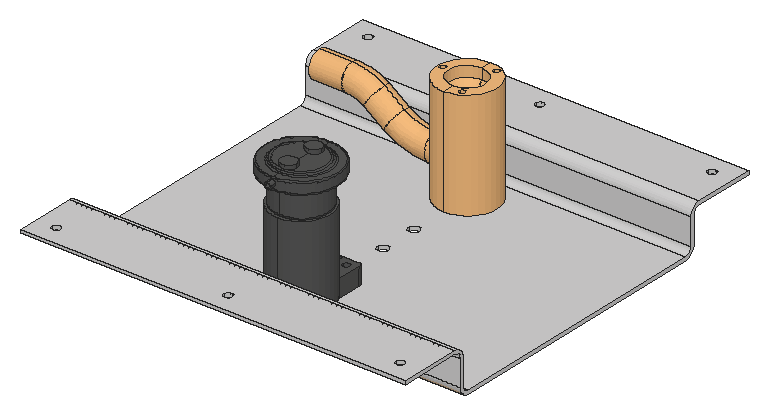
Revit family "Valve-Touchless_Hybrid-KOHLER-Wall_Mount-K-11830", category Plumbing Fixtures, host Face, Revit 2015
Parameters (values of type "NA-Not Applicable")
  Width = 9"  # constant formula
  Waste Water Outlet = "Waste Water Outlet"  # constant formula
  Waste Connection = 1 = 0  # no
  Vent Connection = 1 = 0  # no
  URL = "https://www.us.kohler.com/us/"
  Product Page URL = "http://www.us.kohler.com/us/catalog/productDetails.jsp?productNumber=11830"
  Product Name = "Wall-mount"  # constant formula
  Product Documentation Link = "https://www.us.kohler.com/webassets/kpna/catalog/pdf/en/K-11830_spec.pdf"
  Pressure = 45.00 psi  # constant formula
  Model = "K-11830-NA"  # constant formula
  Material = "Brass construction"  # constant formula
  MasterFormat 2004 = "22.11.00"  # constant formula
  MasterFormat 1995 = "154300"  # constant formula
  Manufacturer Address = "444 Highland Dr, Kohler, WI 53044"  # constant formula
  Manufacturer = "KOHLER Co."  # constant formula
  Length = 3 1/8"  # constant formula
  Hot Water Inlet = "Hot Water Inlet"  # constant formula
  Height = 10"  # constant formula
  HW Connection = 1 = 0  # no
  Flow Rate = 0.5 GPM  # constant formula
  Finish = Kohler-Metal-Brass
  Environmental Product Declaration = ""
  Description = "Touchless round hybrid valve and sensor kit"  # constant formula
  Default Elevation = 36"
  Declare Label = ""
  Date Modified = "01/18/2019"  # constant formula
  Date Created = "01/18/2019"  # constant formula
  Copyright = "Copyright KOHLER Co."  # constant formula
  Contact Us = "https://www.us.kohler.com/us/static/contact.jsp"
  Cold Water Inlet = "Cold Water Inlet"  # constant formula
  CW Connection = 1 = 1  # yes
  Assembly Code = "D2020"
  ADA Compliant = 1 = 1  # yes
Reference planes (in)
  plane 1 "Center (Front/Back)": y = 0
  plane 2: z = 0
  plane 3 "Center (Left/Right)": x = 0
  plane 4: x = 4.5
  plane 5: x = -4.5
  plane 6: y = 5
  plane 7: y = -5
  plane 8: z = 0.38922
  plane 9: z = -2.73578
  plane 10: y = 2.42107
  plane 11: y = -2.42126
Forms (in)
  Extrusion 1, void
    sketch origin (0, 0, 0) x (1, 0, 0) y (0, 1, 0)
      loop
        line (-4.5, 5) -> (-4.5, -5) -> (4.5, -5) -> (4.5, 5) -> (-4.5, 5)
    from -2.73578 to -0.6529
  Extrusion 2, void
    sketch origin (0, 0, 0) x (1, 0, 0) y (0, 1, 0)
      loop
        circle (0, -2.42126) r 0.70789
      loop
        circle (0, 2.42107) r 0.71862
    from -0.6529 to 0.08025
Dimensions and locks (in)
  "Length": plane 8 to plane 9
  "Height": plane 6 to plane 7
  "Width": plane 4 to plane 5
  equal spacing: plane 6, plane 1 "Center (Front/Back)", plane 7
  equal spacing: plane 4, plane 3 "Center (Left/Right)", plane 5
  aligned and locked: plane 2 to host face
  aligned and locked: level to host face
  aligned and locked: Extrusion 1 to plane 9
Automatic sketch dimensions
  host sketch curve to host sketch curve = 96"  (x2)
  Extrusion 1 sketch curve to plane 7 = 0"
  Extrusion 1 sketch curve to plane 6 = 0"
  Extrusion 1 sketch curve to plane 4 = 0"
  Extrusion 1 sketch curve to plane 5 = 0"
  Extrusion 2 sketch curve to plane 3 "Center (Left/Right)" = 0"  (x2)
  plane 11 to Extrusion 2 sketch curve = 0"
  plane 10 to Extrusion 2 sketch curve = 0"
  radius of Extrusion 2 sketch curve = 0.70789"
  radius of Extrusion 2 sketch curve = 0.71862"
Nested families (in)
  nested 1: "K-11830" at (0, 0, -2.73578), type "K-11830"
Connectors (in)
  piping at (-3.44685, 2.42107, -1.08338), diameter 0.375, driven by "Cold Water Inlet", driven by "Flow Rate", driven by "Pressure", driven by "CW Connection"
    settings: on nested 1, index 1, connector inside diameter 24", connector length 0", flow factor 0, pipe flow 0.5 GPM, pressure drop 45.00 psi, fitting loss kfactor 0, connector angle 0.00°, fixture units 0, engagement length 0", angle of deflection 0.00°, flow configuration 1, flow direction 1, fitting loss method 4, system type 20, joint type 0, gender type 0, connector reference index -1, connector utility 1, adjustable connector no, is connector primary yes, connector description "Cold Water Inlet"
Definition of nested family "K-11830"
  Parameters (values of type "K-11830")
    Valve Material = none
  Reference planes (in)
    plane 1 "Center (Front/Back)": y = 0
    plane 2: z = 0
    plane 3 "Center (Left/Right)": x = 0
    plane 4: y = 5
    plane 5: x = 4.5
    plane 6: x = -4.5
    plane 7: y = -5
    plane 8 "A": y = 2.42107
    plane 9: z = 3.125
  Forms (in)
    Revolve 1, solid, detail levels medium+fine
      sketch origin (0, 0, 0) x (0, 1, 0) y (0, 0, 1)
        loop
          line (-2.42126, 3.04933) -> (-2.42126, 0.075) -> (-1.81677, 0.075)
          arc (-1.81677, 0.075) -> (-1.75703, 0.09974) -> (-1.73228, 0.15948) r 0.08448
          line (-1.73228, 0.15948) -> (-1.73228, 2.08287) -> (-1.81552, 2.08287)
          arc (-1.81552, 2.08287) -> (-1.79846, 2.08994) -> (-1.79139, 2.107) r 0.02412
          line (-1.79139, 2.107) -> (-1.79139, 2.71437)
          arc (-1.79139, 2.71437) -> (-1.78513, 2.72951) -> (-1.76999, 2.73577) r 0.0214
          line (-1.76999, 2.73577) -> (-1.58009, 2.73577)
          arc (-1.58009, 2.73577) -> (-1.56591, 2.74165) -> (-1.56004, 2.75583) r 0.02005
          line (-1.56004, 2.75583) -> (-1.56004, 2.97864)
          arc (-1.56004, 2.97864) -> (-1.56616, 2.99343) -> (-1.58095, 2.99955) r 0.02092
          line (-1.58095, 2.99955) -> (-1.7493, 2.99955)
          arc (-1.7493, 2.99955) -> (-1.77082, 3.00286) -> (-1.79034, 3.01249) r 0.07156
          line (-1.79034, 3.01249) -> (-1.82296, 3.03533)
          arc (-1.82296, 3.03533) -> (-1.84408, 3.04575) -> (-1.86735, 3.04933) r 0.07741
          line (-1.86735, 3.04933) -> (-2.42126, 3.04933)
        axis (-2.42126, 3.04933) -> (-2.42126, 0.075)
      angle from 0 to 360
    Revolve 2, solid, material <- "Valve Material", detail levels medium+fine
      sketch origin (0, 0, 0) x (0, 1, 0) y (0, 0, 1)
        loop
          line (1.7321, 2.59469) -> (1.7321, 0.075) -> (2.42107, 0.075) -> (2.42107, 1.85046) -> (2.11921, 1.85046) -> (2.11921, 2.20014) -> (1.99296, 2.35059) -> (1.99296, 2.59469) -> (1.7321, 2.59469)
        axis (2.42107, 2.59469) -> (2.42107, 0.075)
      angle from 0 to 360
    Sweep 3, solid, material <- "Valve Material"
      path origin (0, 0, 0) x (1, 0, 0) y (0, 0, 1)
        loop
          line (-3.44685, 1.6524) -> (-2.68346, 1.6524)
          arc (-2.68346, 1.6524) -> (-2.38275, 1.60612) -> (-2.10988, 1.47155) r 1
          line (-2.10988, 1.47155) -> (-1.63934, 1.14208)
          arc (-1.63934, 1.14208) -> (-1.21735, 0.93398) -> (-0.75232, 0.8624) r 1.54649
          line (-0.75232, 0.8624) -> (-0.19685, 0.8624)
      profile origin (-3.06515, 0, 1.6524) x (0, 0, -1) y (0, -1, 0)
        loop
          circle (0, -2.42107) r 0.31206
    Extrusion 4, solid, detail levels medium+fine
      sketch origin (0, 0, 0) x (0, 1, 0) y (0, 0, 1)
        loop
          arc (3.16723, 0) -> (3.33572, 0.06979) -> (3.40551, 0.23828) r 0.23828
          line (3.40551, 0.23828) -> (3.40551, 0.84375)
          arc (3.40551, 0.84375) -> (3.45128, 0.95424) -> (3.56176, 1) r 0.15625
          line (3.56176, 1) -> (5, 1) -> (5, 1.075) -> (3.56699, 1.075)
          arc (3.56699, 1.075) -> (3.39978, 1.00574) -> (3.33051, 0.83852) r 0.23648
          line (3.33051, 0.83852) -> (3.33051, 0.23125)
          arc (3.33051, 0.23125) -> (3.28475, 0.12076) -> (3.17426, 0.075) r 0.15625
          line (3.17426, 0.075) -> (-3.17306, 0.075)
          arc (-3.17306, 0.075) -> (-3.28439, 0.12112) -> (-3.33051, 0.23246) r 0.15746
          line (-3.33051, 0.23246) -> (-3.33051, 0.83672)
          arc (-3.33051, 0.83672) -> (-3.4003, 1.00521) -> (-3.56879, 1.075) r 0.23828
          line (-3.56879, 1.075) -> (-5, 1.075) -> (-5, 1) -> (-3.56285, 1)
          arc (-3.56285, 1) -> (-3.45159, 0.95392) -> (-3.40551, 0.84266) r 0.15734
          line (-3.40551, 0.84266) -> (-3.40551, 0.23828)
          arc (-3.40551, 0.23828) -> (-3.33572, 0.06979) -> (-3.16723, 0) r 0.23828
          line (-3.16723, 0) -> (3.16723, 0)
      from -4.5 to 4.5
    Extrusion 5, void
      sketch origin (0, 0, 0) x (1, 0, 0) y (0, 1, 0)
        loop
          circle (-4.01621, -4.54758) r 0.09884
        loop
          circle (0, -4.54818) r 0.09843
        loop
          circle (4.01585, -4.54852) r 0.09869
        loop
          circle (-4.01621, 4.54758) r 0.09884
        loop
          circle (0, 4.54818) r 0.09843
        loop
          circle (4.01585, 4.54852) r 0.09869
        loop
          circle (0, 0.87372) r 0.12793
        loop
          circle (0, -0.0311) r 0.12801
      from -0.23187 to 1.41358
    Extrusion 6, solid, detail levels medium+fine
      sketch origin (0, 0, 0.03125) x (1, 0, 0) y (0, 0, 1)
        loop
          circle (0.00032, 2.84587) r 0.074
        loop
          circle (0.00032, 2.84587) r 0.05621
      from 3.12809 to 3.40551
    Extrusion 7, solid, detail levels medium+fine
      sketch origin (0, 0, 0) x (1, 0, 0) y (0, 1, 0)
        loop
          line (-0.51181, -1.37089) -> (-0.51181, -2.00118) -> (0.51181, -2.00118) -> (0.51181, -1.37227)
          arc (0.51181, -1.37227) -> (0.47634, -1.28665) -> (0.39072, -1.25118) r 0.12109
          line (0.39072, -1.25118) -> (-0.3921, -1.25118)
          arc (-0.3921, -1.25118) -> (-0.47675, -1.28624) -> (-0.51181, -1.37089) r 0.11971
        loop
          circle (0.29506, -1.47585) r 0.07976
        loop
          circle (-0.29506, -1.47585) r 0.07976
      from 0 to 0.46476
    Extrusion 8, solid, detail levels medium+fine
      sketch origin (0, 0, 0) x (0, 1, 0) y (0, 0, 1)
        loop
          line (-1.28224, 0.43177) -> (-1.80174, 0.95127) -> (-1.80174, 0.43177) -> (-1.28224, 0.43177)
      from -0.0689 to 0.0689
    Extrusion 9, void
      sketch origin (0, 0, 0) x (1, 0, 0) y (0, 1, 0)
        loop
          circle (0.28718, 1.92353) r 0.06875
        loop
          circle (-0.5736, 2.4214) r 0.06875
        loop
          circle (0.28731, 2.91859) r 0.06875
      from 2.35059 to 2.73639
    Extrusion 10, solid, detail levels medium+fine
      sketch origin (0, 0, 0) x (1, 0, 0) y (0, 1, 0)
        loop
          circle (0, -2.78928) r 0.17969
        loop
          circle (0, -2.05324) r 0.17782
      from 2.73712 to 3.125
    Extrusion 11, solid, detail levels coarse
      sketch origin (0, 0, 0) x (0, 1, 0) y (0, 0, 1)
        loop
          line (-3.56879, 1.075) -> (-5, 1.075) -> (-5, 1) -> (-3.56285, 1)
          arc (-3.56285, 1) -> (-3.45159, 0.95392) -> (-3.40551, 0.84266) r 0.15734
          line (-3.40551, 0.84266) -> (-3.40551, 0.23828)
          arc (-3.40551, 0.23828) -> (-3.33572, 0.06979) -> (-3.16723, 0) r 0.23828
          line (-3.16723, 0) -> (3.16723, 0)
          arc (3.16723, 0) -> (3.33572, 0.06979) -> (3.40551, 0.23828) r 0.23828
          line (3.40551, 0.23828) -> (3.40551, 0.84375)
          arc (3.40551, 0.84375) -> (3.45128, 0.95424) -> (3.56176, 1) r 0.15625
          line (3.56176, 1) -> (5, 1) -> (5, 1.075) -> (3.56699, 1.075)
          arc (3.56699, 1.075) -> (3.39978, 1.00574) -> (3.33051, 0.83852) r 0.23648
          line (3.33051, 0.83852) -> (3.33051, 0.23125)
          arc (3.33051, 0.23125) -> (3.28475, 0.12076) -> (3.17426, 0.075) r 0.15625
          line (3.17426, 0.075) -> (-3.17306, 0.075)
          arc (-3.17306, 0.075) -> (-3.28439, 0.12112) -> (-3.33051, 0.23246) r 0.15746
          line (-3.33051, 0.23246) -> (-3.33051, 0.83672)
          arc (-3.33051, 0.83672) -> (-3.4003, 1.00521) -> (-3.56879, 1.075) r 0.23828
      from -4.5 to 4.5
    Extrusion 12, solid, detail levels coarse
      sketch origin (0, 0, 0) x (1, 0, 0) y (0, 1, 0)
        loop
          circle (0, 2.42107) r 0.68898
      from 0 to 2.59469
    Extrusion 13, solid, detail levels coarse
      sketch origin (0, 0, 0) x (1, 0, 0) y (0, 1, 0)
        loop
          circle (0, -2.42126) r 0.86641
      from 2.73712 to 3.125
    Extrusion 14, solid, detail levels coarse
      sketch origin (0, 0, 0) x (1, 0, 0) y (0, 1, 0)
        loop
          circle (0, -2.42126) r 0.68898
      from 0 to 2.73712
  Cuts and joins
    Extrusion 5 cuts Extrusion 4
    Extrusion 9 cuts Revolve 2
    joined: Revolve 1, Extrusion 6, Extrusion 7, Extrusion 8
  Lines and regions (in)
    Masking region 1
      outline origin (0, 0, 0) x (0, 1, 0) y (0, 0, 1)
        loop
          arc (3.56699, 1.075) -> (3.39978, 1.00574) -> (3.33051, 0.83852) r 0.23648
          line (3.33051, 0.83852) -> (3.33051, 0.23125)
          arc (3.33051, 0.23125) -> (3.28475, 0.12076) -> (3.17426, 0.075) r 0.15625
          line (3.17426, 0.075) -> (3.11005, 0.075) -> (3.11005, 2.59469) -> (1.7321, 2.59469) -> (1.7321, 0.075) -> (-1.25118, 0.075) -> (-1.25118, 0.46476) -> (-1.31523, 0.46476) -> (-1.73228, 0.88181) -> (-1.73228, 2.08287) -> (-1.81552, 2.08287)
          arc (-1.81552, 2.08287) -> (-1.79838, 2.09065) -> (-1.79137, 2.10811) r 0.02526
          line (-1.79137, 2.10811) -> (-1.79137, 2.71139)
          arc (-1.79137, 2.71139) -> (-1.78423, 2.72863) -> (-1.76698, 2.73578) r 0.02439
          line (-1.76698, 2.73578) -> (-1.57969, 2.73578)
          arc (-1.57969, 2.73578) -> (-1.56577, 2.74154) -> (-1.56, 2.75546) r 0.01969
          line (-1.56, 2.75546) -> (-1.56, 2.97792)
          arc (-1.56, 2.97792) -> (-1.56635, 2.99324) -> (-1.58167, 2.99958) r 0.02167
          line (-1.58167, 2.99958) -> (-1.7488, 2.99958)
          arc (-1.7488, 2.99958) -> (-1.77513, 3.00423) -> (-1.79828, 3.0176) r 0.07697
          arc (-1.79828, 3.0176) -> (-1.81587, 3.03074) -> (-1.83483, 3.04179) r 0.19304
          arc (-1.83483, 3.04179) -> (-1.85458, 3.0485) -> (-1.87541, 3.04934) r 0.07296
          line (-1.87541, 3.04934) -> (-1.87541, 3.125) -> (-2.23106, 3.125) -> (-2.23106, 3.04934) -> (-2.6096, 3.04934) -> (-2.6096, 3.125) -> (-2.96711, 3.125) -> (-2.96711, 3.04934)
          arc (-2.96711, 3.04934) -> (-2.98794, 3.0485) -> (-3.00769, 3.04179) r 0.07296
          arc (-3.00769, 3.04179) -> (-3.02665, 3.03074) -> (-3.04424, 3.0176) r 0.19304
          arc (-3.04424, 3.0176) -> (-3.06739, 3.00423) -> (-3.09372, 2.99958) r 0.07697
          line (-3.09372, 2.99958) -> (-3.26085, 2.99958)
          arc (-3.26085, 2.99958) -> (-3.27617, 2.99324) -> (-3.28252, 2.97792) r 0.02167
          line (-3.28252, 2.97792) -> (-3.28252, 2.94543) -> (-3.40551, 2.94543) -> (-3.40551, 2.80312) -> (-3.28252, 2.80312) -> (-3.28252, 2.75546)
          arc (-3.28252, 2.75546) -> (-3.27675, 2.74154) -> (-3.26283, 2.73578) r 0.01969
          line (-3.26283, 2.73578) -> (-3.07554, 2.73578)
          arc (-3.07554, 2.73578) -> (-3.05829, 2.72863) -> (-3.05115, 2.71139) r 0.02439
          line (-3.05115, 2.71139) -> (-3.05115, 2.10811)
          arc (-3.05115, 2.10811) -> (-3.04414, 2.09065) -> (-3.027, 2.08287) r 0.02526
          line (-3.027, 2.08287) -> (-3.11024, 2.08287) -> (-3.11024, 0.15711)
          arc (-3.11024, 0.15711) -> (-3.08619, 0.09905) -> (-3.02813, 0.075) r 0.08211
          line (-3.02813, 0.075) -> (-3.17306, 0.075)
          arc (-3.17306, 0.075) -> (-3.28439, 0.12112) -> (-3.33051, 0.23246) r 0.15746
          line (-3.33051, 0.23246) -> (-3.33051, 0.83672)
          arc (-3.33051, 0.83672) -> (-3.4003, 1.00521) -> (-3.56879, 1.075) r 0.23828
          line (-3.56879, 1.075) -> (-5, 1.075) -> (-5, 1) -> (-3.56285, 1)
          arc (-3.56285, 1) -> (-3.45159, 0.95392) -> (-3.40551, 0.84266) r 0.15734
          line (-3.40551, 0.84266) -> (-3.40551, 0.23828)
          arc (-3.40551, 0.23828) -> (-3.33572, 0.06979) -> (-3.16723, 0) r 0.23828
          line (-3.16723, 0) -> (3.16723, 0)
          arc (3.16723, 0) -> (3.33572, 0.06979) -> (3.40551, 0.23828) r 0.23828
          line (3.40551, 0.23828) -> (3.40551, 0.84375)
          arc (3.40551, 0.84375) -> (3.45128, 0.95424) -> (3.56176, 1) r 0.15625
          line (3.56176, 1) -> (5, 1) -> (5, 1.075) -> (3.56699, 1.075)
    Masking region 2, detail levels medium+fine
      outline origin (0, 0, 0) x (1, 0, 0) y (0, 0, 1)
        loop
          line (-4.5, 1.075) -> (-4.5, 0) -> (4.5, 0) -> (4.5, 1.075) -> (0.68898, 1.075) -> (0.68898, 2.59469) -> (0.62997, 2.59469) -> (0.62997, 2.7157)
          arc (0.62997, 2.7157) -> (0.63585, 2.72991) -> (0.65007, 2.7358) r 0.0201
          line (0.65007, 2.7358) -> (0.84154, 2.7358)
          arc (0.84154, 2.7358) -> (0.85551, 2.74159) -> (0.8613, 2.75556) r 0.01977
          line (0.8613, 2.75556) -> (0.8613, 2.97948)
          arc (0.8613, 2.97948) -> (0.85539, 2.99377) -> (0.84111, 2.99968) r 0.0202
          line (0.84111, 2.99968) -> (0.67562, 2.99968)
          arc (0.67562, 2.99968) -> (0.6393, 3.00727) -> (0.60907, 3.02878) r 0.09067
          arc (0.60907, 3.02878) -> (0.58371, 3.04402) -> (0.5546, 3.04933) r 0.08243
          line (0.5546, 3.04933) -> (0.17969, 3.04933) -> (0.17969, 3.125) -> (-0.17969, 3.125) -> (-0.17969, 3.04933) -> (-0.5546, 3.04933)
          arc (-0.5546, 3.04933) -> (-0.58371, 3.04402) -> (-0.60907, 3.02878) r 0.08243
          arc (-0.60907, 3.02878) -> (-0.6393, 3.00727) -> (-0.67562, 2.99968) r 0.09067
          line (-0.67562, 2.99968) -> (-0.84111, 2.99968)
          arc (-0.84111, 2.99968) -> (-0.85539, 2.99377) -> (-0.8613, 2.97948) r 0.0202
          line (-0.8613, 2.97948) -> (-0.8613, 2.75556)
          arc (-0.8613, 2.75556) -> (-0.85551, 2.74159) -> (-0.84154, 2.7358) r 0.01977
          line (-0.84154, 2.7358) -> (-0.65007, 2.7358)
          arc (-0.65007, 2.7358) -> (-0.63585, 2.72991) -> (-0.62997, 2.7157) r 0.0201
          line (-0.62997, 2.7157) -> (-0.62997, 2.59469) -> (-0.68898, 2.59469) -> (-0.68898, 1.17446)
          arc (-0.68898, 1.17446) -> (-1.21372, 1.27235) -> (-1.66787, 1.55286) r 1.45537
          arc (-1.66787, 1.55286) -> (-2.16187, 1.85798) -> (-2.73266, 1.96446) r 1.58307
          line (-2.73266, 1.96446) -> (-3.44685, 1.96446) -> (-3.44685, 1.34034) -> (-2.74641, 1.34034)
          arc (-2.74641, 1.34034) -> (-2.39489, 1.27146) -> (-2.09538, 1.075) r 0.93134
          line (-2.09538, 1.075) -> (-4.5, 1.075)
    Masking region 3
      outline origin (0, 0, 0) x (1, 0, 0) y (0, 1, 0)
        loop
          circle (0, -2.42126) r 0.86641
        loop
          circle (0, 2.42107) r 0.68898
    symbolic lines, detail levels medium+fine
      curve 1: circle (0, 2.42107, 1.6524) r 0.31206 normal (1, 0, 0)
      curve 2: circle (0, 2.42107, 1.6524) r 0.27127 normal (1, 0, 0)
      curve 3: line (0, 2.73314, 1.6524) -> (0, 2.73314, 0.8624)
      curve 4: line (0, 2.10901, 1.6524) -> (0, 2.10901, 0.8624)
      curve 5: line (0, -1.87541, 3.04934) -> (0, -2.23106, 3.04934)
      curve 6: line (0, -2.6096, 3.04934) -> (0, -2.96711, 3.04934)
      curve 7: line (0, -1.76698, 2.73578) -> (0, -3.07554, 2.73578)
      curve 8: line (0, -1.81552, 2.08287) -> (0, -3.027, 2.08287)
      curve 9: line (0, -3.28252, 2.94543) -> (0, -3.28252, 2.80312)
      curve 10: line (0, -3.02813, 0.075) -> (0, -1.25118, 0.075)
      curve 11: line (0, 3.11005, 0.075) -> (0, 1.7321, 0.075)
      curve 12: line (0, -1.73228, 0.88181) -> (0, -1.73228, 0.46476)
      curve 13: line (0, -1.31523, 0.46476) -> (0, -1.96002, 0.46476)
      curve 14: line (0, -1.96002, 0.46476) -> (0, -1.96002, 0.15719)
      curve 15: arc (0, -1.96002, 0.15719) -> (0, -1.97549, 0.10734) -> (0, -2.01647, 0.075) r 0.08807
      curve 16: line (0, -1.7488, 2.99958) -> (0, -3.09372, 2.99958)
      curve 17: line (-2.09538, 0, 1.075) -> (0.68898, 0, 1.075)
      curve 18: line (-4.5, 0, 1) -> (4.5, 0, 1)
      curve 19: line (-0.62997, 0, 2.59469) -> (0.62997, 0, 2.59469)
      curve 20: line (-0.17969, 0, 3.04933) -> (0.17969, 0, 3.04933)
      curve 21: line (-0.67562, 0, 2.99968) -> (0.67562, 0, 2.99968)
      curve 22: line (-0.65007, 0, 2.7358) -> (0.65007, 0, 2.7358)
      curve 23: line (-0.68898, 0, 1.17446) -> (-0.68898, 0, 1.075)
      curve 31: circle (0, -2.42126, 0) r 0.71305 normal (0, 0, 1)
      curve 32: circle (0, -2.42126, 0) r 0.62214 normal (0, 0, 1)
      curve 33: circle (0, -2.05324, 0) r 0.17782 normal (0, 0, 1)
      curve 34: circle (0, -2.78928, 0) r 0.17969 normal (0, 0, 1)
      curve 35: circle (0, 2.42107, 0) r 0.42811 normal (0, 0, 1)
      curve 36: circle (0, 2.42107, 0) r 0.30187 normal (0, 0, 1)
      curve 37: circle (0.28731, 2.91859, 0) r 0.06875 normal (0, 0, 1)
      curve 38: circle (0.28718, 1.92353, 0) r 0.06875 normal (0, 0, 1)
      curve 39: circle (-0.5736, 2.4214, 0) r 0.06875 normal (0, 0, 1)
    symbolic lines, detail levels coarse
      curve 24: line (0.83524, 0, 0.85106) -> (0.83524, 0, 1.62097)
      curve 25: line (0.83524, 0, 1.62097) -> (-0.83524, 0, 0.85106)
      curve 26: line (-0.83524, 0, 1.62097) -> (0.83524, 0, 0.85106)
      curve 27: line (0, 0, 1.23601) -> (0, 0, 0.46887)
      curve 28: line (0.55856, 0, 0.46887) -> (-0.62997, 0, 0.46887)
      curve 29: arc (0.55856, 0, 0.46887) -> (-0.0357, 0, -0.00104) -> (-0.62997, 0, 0.46887) r 0.61072
      curve 30: line (-0.83524, 0, 0.85106) -> (-0.83524, 0, 1.62097)
  Dimensions and locks (in)
    plane 1 "Center (Front/Back)" to plane 4 = 5"
    plane 3 "Center (Left/Right)" to plane 5 = 4 1/2"
    equal spacing: plane 4, plane 1 "Center (Front/Back)", plane 7
    equal spacing: plane 6, plane 3 "Center (Left/Right)", plane 5
    plane 9 to plane 2 = 3 1/8"
    aligned and locked: plane 2 to level
  Automatic sketch dimensions
    curve 31 to curve 32 = 0"  (x2)
    curve 35 to curve 36 = 0"  (x2)
    curve 32 to plane 3 "Center (Left/Right)" = 0"
    curve 33 to plane 3 "Center (Left/Right)" = 0"
    curve 34 to plane 3 "Center (Left/Right)" = 0"
    curve 35 to plane 3 "Center (Left/Right)" = 0"
    curve 36 to plane 8 "A" = 0"
    plane 8 "A" to curve 39 = 0.00032"
    curve 39 to plane 3 "Center (Left/Right)" = 0.5736"
    plane 3 "Center (Left/Right)" to curve 38 = 0.28718"
    plane 3 "Center (Left/Right)" to curve 37 = 0.28731"
    curve 38 to plane 8 "A" = 0.49755"
    plane 1 "Center (Front/Back)" to curve 33 = 2.05324"
    curve 31 to curve 33 = 0.36802"
    curve 34 to curve 31 = 0.36802"
    plane 8 "A" to curve 37 = 0.49752"
    curve 1 to curve 2 = 0"  (x2)
    curve 2 to plane 8 "A" = 0"
    level to curve 14 = 0.15719"
    plane 1 "Center (Front/Back)" to curve 14 = 1.96002"
    curve 15 to curve 14 = 0.08807"
    curve 14 to curve 14 = 0.30757"
    curve 2 to plane 9 = 1.4726"
    curve 4 to plane 8 "A" = 0.31206"
    level to curve 11 = 0.075"
    curve 11 to plane 8 "A" = 0.68898"
    level to curve 10 = 0.075"
    curve 15 to curve 10 = 0.70884"
    curve 13 to curve 10 = 0.06405"
    curve 13 to curve 12 = 0.22774"
    curve 16 to plane 9 = 0.12542"
    plane 1 "Center (Front/Back)" to curve 16 = 1.7488"
    curve 7 to curve 16 = 0.01819"
    curve 8 to curve 7 = 0.04853"
    curve 5 to curve 16 = 0.12662"
    curve 5 to plane 9 = 0.07566"
    curve 5 to curve 5 = 0.35565"
    curve 6 to plane 9 = 0.07566"
    curve 6 to curve 5 = 0.37854"
    curve 6 to curve 6 = 0.35751"
    curve 8 to curve 6 = 0.0599"
    curve 10 to curve 15 = 0.98004"
    curve 7 to curve 6 = 0.10843"
    curve 16 to curve 6 = 0.12662"
    curve 9 to curve 7 = 0.20698"
    plane 8 "A" to curve 11 = 0.68898"
    curve 3 to curve 1 = 0.79"
    curve 4 to curve 3 = 0"
    curve 12 to curve 12 = 0.41705"
    curve 1 to curve 3 = 0"
    curve 4 to curve 1 = 0"
    curve 8 to curve 16 = 0.91671"
    curve 7 to curve 16 = 0.26381"
    curve 7 to curve 9 = 0.06734"
    curve 9 to curve 9 = 0.14231"
    plane 6 to curve 18 = 0"
    curve 27 to plane 3 "Center (Left/Right)" = 0"
    curve 18 to plane 5 = 0"
    curve 30 to plane 3 "Center (Left/Right)" = 0.83524"
    curve 25 to curve 28 = 0.20527"
    curve 29 to plane 3 "Center (Left/Right)" = 0.0357"
    plane 3 "Center (Left/Right)" to curve 25 = 0.83524"
    level to curve 28 = 0.46887"
    curve 27 to curve 29 = 0.1408"
    curve 29 to curve 24 = 0.38218"
    curve 28 to curve 30 = 0.38218"
    curve 25 to curve 26 = 0.76992"
    curve 24 to curve 25 = 0.76992"
    curve 17 to curve 25 = 1.26014"
    curve 25 to curve 23 = 0.14626"
    curve 21 to plane 9 = 0.12532"
    curve 21 to plane 3 "Center (Left/Right)" = 0.67562"
    curve 21 to curve 22 = 0.02555"
    curve 22 to curve 19 = 0.0201"
    curve 20 to plane 9 = 0.07567"
    curve 20 to plane 3 "Center (Left/Right)" = 23/128"
    plane 3 "Center (Left/Right)" to curve 20 = 23/128"
    plane 3 "Center (Left/Right)" to curve 19 = 0.62997"
    curve 19 to curve 22 = 0.0201"
    curve 22 to curve 21 = 0.02555"
    curve 17 to curve 24 = 0.14626"
    level to curve 18 = 1"
    curve 24 to curve 17 = 0.22394"
    curve 23 to curve 23 = 0.09946"
    curve 19 to curve 21 = 0.405"
    curve 19 to curve 22 = 0.14111"
    Revolve 1 sketch curve to plane 9 = 0.07567"
    plane 1 "Center (Front/Back)" to Revolve 1 sketch curve = 2.42126"
    Revolve 1 sketch curve to plane 9 = 0.15308"
    Revolve 1 sketch curve to Revolve 1 sketch curve = 0.55391"
    Revolve 1 sketch curve to plane 9 = 0.08967"
    level to Revolve 1 sketch curve = 0.075"
    Revolve 1 sketch curve to Revolve 1 sketch curve = 0.60449"
    Revolve 1 sketch curve to Revolve 1 sketch curve = 0.05184"
    Revolve 1 sketch curve to Revolve 1 sketch curve = 0.02412"  (x2)
    Revolve 1 sketch curve to plane 9 = 0.11251"
    Revolve 1 sketch curve to Revolve 1 sketch curve = 0.03261"
    Revolve 1 sketch curve to Revolve 1 sketch curve = 0.0214"
    Revolve 1 sketch curve to Revolve 1 sketch curve = 0.04105"
    Revolve 1 sketch curve to Revolve 1 sketch curve = 0.08448"
    Revolve 1 sketch curve to Revolve 1 sketch curve = 0.16834"
    Revolve 1 sketch curve to Revolve 1 sketch curve = 0.1899"
    Revolve 1 sketch curve to Revolve 1 sketch curve = 0.02092"
    Revolve 1 sketch curve to Revolve 1 sketch curve = 0.88905"
    Revolve 1 sketch curve to Revolve 1 sketch curve = 0.25755"
    Revolve 1 sketch curve to Revolve 1 sketch curve = 0.03386"
    Revolve 1 sketch curve to Revolve 1 sketch curve = 0"  (x2)
    Revolve 1 sketch curve to Revolve 1 sketch curve = 0.37759"
    Revolve 1 sketch curve to Revolve 1 sketch curve = 0.04978"
    Revolve 2 sketch curve to plane 8 "A" = 0"  (x2)
    Revolve 2 sketch curve to plane 8 "A" = 0.30187"
    Revolve 2 sketch curve to Revolve 2 sketch curve = 0.12624"
    level to Revolve 2 sketch curve = 0.075"
    Revolve 2 sketch curve to plane 8 "A" = 0.68898"
    Revolve 2 sketch curve to plane 9 = 1.27454"
    Revolve 2 sketch curve to Revolve 2 sketch curve = 0.34968"
    Revolve 2 sketch curve to Revolve 2 sketch curve = 0.15045"
    Revolve 2 sketch curve to Revolve 2 sketch curve = 0.24409"
    Revolve 2 sketch curve to Revolve 2 sketch curve = 0.24423"
    Revolve 2 sketch curve to Revolve 2 sketch curve = 0"
    Sweep 3 sketch curve to plane 6 = 1.81654"
    Sweep 3 sketch curve to Sweep 3 sketch curve = 0.57358"
    Sweep 3 sketch curve to Sweep 3 sketch curve = 0.47054"
    Sweep 3 sketch curve to plane 3 "Center (Left/Right)" = 0.75232"
    level to Sweep 3 sketch curve = 0.6524"
    level to Sweep 3 sketch curve = 0.8624"
    Sweep 3 sketch curve to Sweep 3 sketch curve = 0.27968"
    Sweep 3 sketch curve to Sweep 3 sketch curve = 0.32947"
    Sweep 3 sketch curve to Sweep 3 sketch curve = 0.76339"
    Sweep 3 sketch curve to plane 3 "Center (Left/Right)" = 0.19685"
    Sweep 3 sketch curve to profile plane = 0"
    Sweep 3 sketch curve to plane 1 "Center (Front/Back)" = 2.42107"
    Extrusion 4 sketch curve to plane 7 = 0"
    Extrusion 4 sketch curve to level = 0"
    Extrusion 4 sketch curve to plane 4 = 0"
    Extrusion 4 sketch curve to Extrusion 4 sketch curve = 1.43121"
    Extrusion 4 sketch curve to Extrusion 4 sketch curve = 0.00595"  (x2)
    Extrusion 4 sketch curve to Extrusion 4 sketch curve = 0.15734"
    Extrusion 4 sketch curve to Extrusion 4 sketch curve = 0.075"  (x2)
    Extrusion 4 sketch curve to Extrusion 4 sketch curve = 0.15746"
    Extrusion 4 sketch curve to Extrusion 4 sketch curve = 0.00583"
    level to Extrusion 4 sketch curve = 61/256"
    plane 8 "A" to Extrusion 4 sketch curve = 0.74616"
    Extrusion 4 sketch curve to Extrusion 4 sketch curve = 0.00703"
    Extrusion 4 sketch curve to Extrusion 4 sketch curve = 5/32"
    Extrusion 4 sketch curve to Extrusion 4 sketch curve = 0.00523"  (x2)
    level to Extrusion 4 sketch curve = 0.075"
    Extrusion 4 sketch curve to Extrusion 4 sketch curve = 0.59844"
    Extrusion 4 sketch curve to Extrusion 4 sketch curve = 0.60024"
    Extrusion 5 sketch curve to plane 3 "Center (Left/Right)" = 0"  (x4)
    Extrusion 5 sketch curve to plane 6 = 0.48379"  (x2)
    Extrusion 5 sketch curve to plane 5 = 0.48415"  (x2)
    Extrusion 5 sketch curve to plane 7 = 0.45148"
    Extrusion 5 sketch curve to plane 7 = 0.45182"
    Extrusion 5 sketch curve to plane 7 = 0.45242"
    plane 1 "Center (Front/Back)" to Extrusion 5 sketch curve = 0.0311"
    Extrusion 5 sketch curve to plane 1 "Center (Front/Back)" = 0.87372"
    Extrusion 5 sketch curve to plane 4 = 0.45242"
    Extrusion 5 sketch curve to plane 4 = 0.45182"
    Extrusion 5 sketch curve to plane 4 = 0.45148"
    Extrusion 6 sketch curve to Extrusion 6 sketch curve = 0"  (x2)
    plane 3 "Center (Left/Right)" to Extrusion 6 sketch curve = 0.00032"
    Extrusion 6 sketch curve to plane 9 = 0.24788"
    Extrusion 7 sketch curve to plane 3 "Center (Left/Right)" = 0.51181"
    Extrusion 7 sketch curve to Extrusion 7 sketch curve = 0.11971"
    Extrusion 7 sketch curve to Extrusion 7 sketch curve = 0.09704"
    plane 3 "Center (Left/Right)" to Extrusion 7 sketch curve = 0.29506"
    Extrusion 7 sketch curve to Extrusion 7 sketch curve = 0.09566"
    plane 3 "Center (Left/Right)" to Extrusion 7 sketch curve = 0.51181"
    plane 1 "Center (Front/Back)" to Extrusion 7 sketch curve = 2.00118"
    Extrusion 7 sketch curve to Extrusion 7 sketch curve = 0.52533"  (x2)
    Extrusion 7 sketch curve to Extrusion 7 sketch curve = 0.10358"
    plane 1 "Center (Front/Back)" to Extrusion 8 sketch curve = 1.80174"
    Extrusion 8 sketch curve to Extrusion 8 sketch curve = 0.5195"  (x2)
    level to Extrusion 8 sketch curve = 0.43177"
    plane 8 "A" to Extrusion 9 sketch curve = 0.00032"
    Extrusion 9 sketch curve to plane 3 "Center (Left/Right)" = 0.5736"
    plane 3 "Center (Left/Right)" to Extrusion 9 sketch curve = 0.28718"
    plane 3 "Center (Left/Right)" to Extrusion 9 sketch curve = 0.28731"
    Extrusion 9 sketch curve to plane 8 "A" = 0.49755"
    plane 8 "A" to Extrusion 9 sketch curve = 0.49752"
    Extrusion 10 sketch curve to plane 3 "Center (Left/Right)" = 0"  (x2)
    Extrusion 10 sketch curve to plane 7 = 2.21072"
    Extrusion 10 sketch curve to Extrusion 10 sketch curve = 0.73605"
    Masking region 1 sketch curve to plane 7 = 0"
    Masking region 1 sketch curve to level = 0"
    Masking region 1 sketch curve to plane 9 = 0"  (x2)
    Masking region 1 sketch curve to plane 4 = 0"
    Masking region 1 sketch curve to plane 7 = 1.43121"
    Masking region 1 sketch curve to Masking region 1 sketch curve = 0.00595"  (x2)
    Masking region 1 sketch curve to plane 9 = 0.17957"
    Masking region 1 sketch curve to plane 7 = 1.59449"
    level to Masking region 1 sketch curve = 61/256"
    Masking region 1 sketch curve to Masking region 1 sketch curve = 0.16328"
    Masking region 1 sketch curve to Masking region 1 sketch curve = 0.075"  (x2)
    Masking region 1 sketch curve to Masking region 1 sketch curve = 0.12299"  (x2)
    Masking region 1 sketch curve to Masking region 1 sketch curve = 0.01969"
    Masking region 1 sketch curve to Masking region 1 sketch curve = 0.02167"  (x2)
    Masking region 1 sketch curve to Masking region 1 sketch curve = 0.00583"
    Masking region 1 sketch curve to Masking region 1 sketch curve = 0.1526"
    Masking region 1 sketch curve to plane 9 = 0.04845"  (x2)
    Masking region 1 sketch curve to Masking region 1 sketch curve = 0.16713"  (x2)
    Masking region 1 sketch curve to Masking region 1 sketch curve = 0.1873"  (x2)
    Masking region 1 sketch curve to Masking region 1 sketch curve = 0.02439"  (x2)
    Masking region 1 sketch curve to Masking region 1 sketch curve = 0.08211"  (x2)
    Masking region 1 sketch curve to Masking region 1 sketch curve = 0.02414"
    Masking region 1 sketch curve to Masking region 1 sketch curve = 0.02526"
    Masking region 1 sketch curve to Masking region 1 sketch curve = 0.11913"  (x2)
    Masking region 1 sketch curve to Masking region 1 sketch curve = 0.00749"  (x2)
    Masking region 1 sketch curve to Masking region 1 sketch curve = 0.05448"
    Masking region 1 sketch curve to Masking region 1 sketch curve = 0.35751"
    Masking region 1 sketch curve to plane 9 = 0.07566"
    Masking region 1 sketch curve to Masking region 1 sketch curve = 0.37854"
    Masking region 1 sketch curve to Masking region 1 sketch curve = 0.30866"
    Masking region 1 sketch curve to Masking region 1 sketch curve = 0.04699"
    Masking region 1 sketch curve to Masking region 1 sketch curve = 0.10577"
    Masking region 1 sketch curve to Masking region 1 sketch curve = 0.00112"
    Masking region 1 sketch curve to Masking region 1 sketch curve = 0.13103"
    Masking region 1 sketch curve to Masking region 1 sketch curve = 0.05909"
    level to Masking region 1 sketch curve = 0.46476"
    Masking region 1 sketch curve to Masking region 1 sketch curve = 0.41705"  (x2)
    Masking region 1 sketch curve to Masking region 1 sketch curve = 0.06405"
    Masking region 1 sketch curve to plane 8 "A" = 0.68898"
    plane 8 "A" to Masking region 1 sketch curve = 0.68898"
    Masking region 1 sketch curve to Masking region 1 sketch curve = 0.05718"
    Masking region 1 sketch curve to Masking region 1 sketch curve = 0.06421"
    Masking region 1 sketch curve to Masking region 1 sketch curve = 5/32"  (x2)
    Masking region 1 sketch curve to Masking region 1 sketch curve = 0.00523"  (x2)
    level to Masking region 1 sketch curve = 0.075"  (x3)
    Masking region 1 sketch curve to Masking region 1 sketch curve = 0.59844"
    Masking region 1 sketch curve to Masking region 1 sketch curve = 0.60024"
    Masking region 1 sketch curve to Masking region 1 sketch curve = 0.86256"
    Masking region 1 sketch curve to plane 9 = 1.04213"
    Masking region 1 sketch curve to plane 9 = 0.53031"
    Masking region 1 sketch curve to Masking region 1 sketch curve = 0.23404"
    Masking region 1 sketch curve to plane 9 = 0.41361"
    Masking region 1 sketch curve to Masking region 1 sketch curve = 0.04766"
    Masking region 1 sketch curve to Masking region 1 sketch curve = 0.13397"  (x2)
    Masking region 1 sketch curve to Masking region 1 sketch curve = 0.10702"  (x2)
    Masking region 1 sketch curve to Masking region 1 sketch curve = 0.03249"
    Masking region 1 sketch curve to plane 9 = 0.14708"
    Masking region 1 sketch curve to Masking region 1 sketch curve = 0.07257"  (x2)
    Masking region 1 sketch curve to Masking region 1 sketch curve = 0"  (x3)
    Masking region 2 sketch curve to level = 0"
    plane 6 to Masking region 2 sketch curve = 0"
    Masking region 2 sketch curve to plane 9 = 0"
    Masking region 2 sketch curve to plane 5 = 0"
    Masking region 2 sketch curve to plane 6 = 1.05315"
    level to Masking region 2 sketch curve = 0.409"
    Masking region 2 sketch curve to Masking region 2 sketch curve = 0.70044"
    Masking region 2 sketch curve to Masking region 2 sketch curve = 0.01375"
    Masking region 2 sketch curve to Masking region 2 sketch curve = 0.65103"
    Masking region 2 sketch curve to plane 9 = 0.14552"
    Masking region 2 sketch curve to plane 3 "Center (Left/Right)" = 0.8613"
    Masking region 2 sketch curve to Masking region 2 sketch curve = 0.01977"  (x2)
    Masking region 2 sketch curve to Masking region 2 sketch curve = 0.0202"
    Masking region 2 sketch curve to Masking region 2 sketch curve = 0.15256"
    Masking region 2 sketch curve to plane 9 = 0.03465"  (x2)
    Masking region 2 sketch curve to Masking region 2 sketch curve = 0.16548"  (x2)
    Masking region 2 sketch curve to Masking region 2 sketch curve = 0.03891"
    Masking region 2 sketch curve to Masking region 2 sketch curve = 0.05901"  (x2)
    Masking region 2 sketch curve to plane 9 = 0.07567"  (x2)
    Masking region 2 sketch curve to Masking region 2 sketch curve = 0.12102"  (x2)
    Masking region 2 sketch curve to plane 3 "Center (Left/Right)" = 23/128"
    plane 3 "Center (Left/Right)" to Masking region 2 sketch curve = 23/128"
    Masking region 2 sketch curve to Masking region 2 sketch curve = 0.37492"
    Masking region 2 sketch curve to Masking region 2 sketch curve = 0.07536"
    Masking region 2 sketch curve to Masking region 2 sketch curve = 0.0201"
    Masking region 2 sketch curve to Masking region 2 sketch curve = 0.19147"
    Masking region 2 sketch curve to Masking region 2 sketch curve = 0.02761"
    Masking region 2 sketch curve to Masking region 2 sketch curve = 1.075"  (x2)
    level to Masking region 2 sketch curve = 1.17446"
    Masking region 2 sketch curve to Masking region 2 sketch curve = 0.62412"
    Masking region 2 sketch curve to Masking region 2 sketch curve = 0.405"
    Masking region 2 sketch curve to Masking region 2 sketch curve = 0.45465"
    Masking region 2 sketch curve to Masking region 2 sketch curve = 9/256"
    Masking region 2 sketch curve to Masking region 2 sketch curve = 0.12101"
    Masking region 2 sketch curve to Masking region 2 sketch curve = 0.08587"
    Masking region 2 sketch curve to Masking region 2 sketch curve = 0.08243"  (x2)
    Masking region 2 sketch curve to Masking region 2 sketch curve = 0.11086"
    Extrusion 11 sketch curve to plane 7 = 0"
    Extrusion 11 sketch curve to level = 0"
    Extrusion 11 sketch curve to plane 4 = 0"
    Extrusion 11 sketch curve to plane 7 = 1.43121"
    Extrusion 11 sketch curve to Extrusion 11 sketch curve = 0.00595"  (x2)
    Extrusion 11 sketch curve to Extrusion 11 sketch curve = 0.15734"
    Extrusion 11 sketch curve to Extrusion 11 sketch curve = 0.075"  (x2)
    level to Extrusion 11 sketch curve = 0.075"
    Extrusion 11 sketch curve to Extrusion 11 sketch curve = 0.15746"
    Extrusion 11 sketch curve to Extrusion 11 sketch curve = 0.00583"
    level to Extrusion 11 sketch curve = 61/256"
    plane 8 "A" to Extrusion 11 sketch curve = 0.74616"
    Extrusion 11 sketch curve to Extrusion 11 sketch curve = 0.00703"
    Extrusion 11 sketch curve to Extrusion 11 sketch curve = 5/32"
    Extrusion 11 sketch curve to Extrusion 11 sketch curve = 0.00523"  (x2)
    Extrusion 11 sketch curve to Extrusion 11 sketch curve = 0.59844"
    Extrusion 11 sketch curve to Extrusion 11 sketch curve = 0.60024"
    Extrusion 13 sketch curve to plane 3 "Center (Left/Right)" = 0"
    plane 1 "Center (Front/Back)" to Extrusion 13 sketch curve = 2.42126"
    Masking region 3 sketch curve to plane 3 "Center (Left/Right)" = 0"  (x2)
    Masking region 3 sketch curve to plane 8 "A" = 0"
    plane 1 "Center (Front/Back)" to Masking region 3 sketch curve = 2.42126"
    Extrusion 14 sketch curve to plane 3 "Center (Left/Right)" = 0"
    plane 1 "Center (Front/Back)" to Extrusion 14 sketch curve = 2.42126"
    radius of curve 31 = 0.71305"
    radius of curve 32 = 0.62214"
    radius of curve 33 = 0.17782"
    radius of curve 34 = 23/128"
    radius of curve 35 = 0.42811"
    radius of curve 36 = 0.30187"
    radius of curve 37 = 0.06875"
    radius of curve 38 = 0.06875"
    radius of curve 39 = 0.06875"
    radius of curve 2 = 0.27127"
    radius of Sweep 3 sketch curve = 0.31206"
    radius of Extrusion 5 sketch curve = 0.09884"  (x2)
    radius of Extrusion 5 sketch curve = 0.09843"  (x2)
    radius of Extrusion 5 sketch curve = 0.09869"  (x2)
    radius of Extrusion 5 sketch curve = 0.12793"
    radius of Extrusion 5 sketch curve = 0.12801"
    radius of Extrusion 6 sketch curve = 0.074"
    radius of Extrusion 6 sketch curve = 0.05621"
    radius of Extrusion 7 sketch curve = 0.07976"  (x2)
    radius of Extrusion 9 sketch curve = 0.06875"  (x3)
    radius of Extrusion 10 sketch curve = 23/128"
    radius of Extrusion 10 sketch curve = 0.17782"
    radius of Extrusion 13 sketch curve = 0.86641"
    radius of Masking region 3 sketch curve = 0.86641"
    radius of Masking region 3 sketch curve = 0.68898"
    radius of Extrusion 14 sketch curve = 0.68898"
